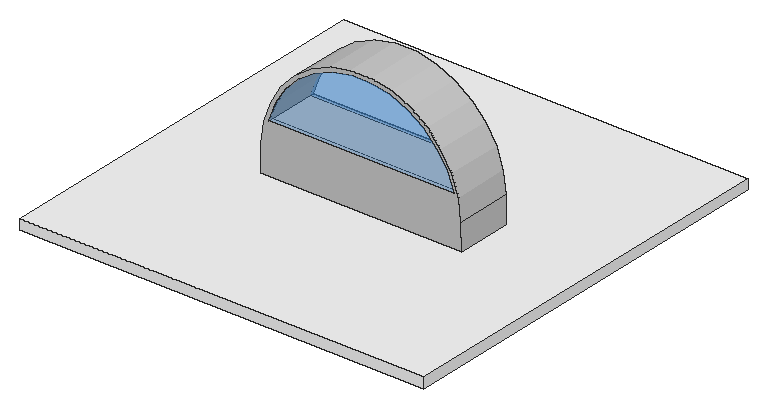
Revit family "BE_24469_de_DE", category Leuchten, Revit 2020
Family settings
  Basisbauteil = Fläche
  Bemaßung runder Anschluss = Durchmesser verwenden
  Teiletyp = Normal
  Beim Laden mit Abzugskörper schneiden = Ja
  Lichtquelle = Ja
  Gemeinsam genutzt = Nein
  Raumberechnungspunkt = Ja
Parameters (values of type "BEGA_24469_Silber_K3")
  built-in parameter 1150104 = 15.402 (stored number, unit not read)
  Wattage = 3.8 W
  Default Elevation = 0 mm
  built-in parameter 1150113 = 1 (stored number, unit not read)
  built-in parameter 1114218 = 1 (stored number, unit not read)
  Umgebungstemperatur = "25 °C"
  URL = "https://www.bega.com/de/produkt/24469"
  Typenkommentare = "© 2022 BEGA. Wir behalten uns das Recht vor, technische Änderungen ohne vorherige Ankündigung vorzunehmen."  # constant formula
  built-in parameter 1150134 = (empty or 0)
  built-in parameter 1150109 = 1 (stored number, unit not read)
  Strom = ""
  built-in parameter 1150110 = 1 (stored number, unit not read)
  Spannung = 239.996 V
  Sonderanfertigung = no
  Seriennummer [instance] = "Hier können Sie die eindeutige Seriennummer für das Facility Management eintragen."
  Schutzklasse = "I"
  Schutzart = "IP 65"
  Scheinlast = 0 VA
  Produktdatenblatt = "https://cdn.bega.com/bega/products/24469AK4/current/documents/data-sheets/de"
  Oberflächentemperatur = ""
  Neigungswinkel = 0.00°
  Modell = "24469AK3"
  Material_17 = BEGA_Reflektor
  Material_15 = BEGA_Leuchtmedium_matt
  Material_11 = BEGA_Glas_opal
  Material_10 = BEGA_Glas_matt
  Material_09 = BEGA_Glas_klar
  Material_06 = BEGA_Oberfläche_Edelstahl_gebürstet
  Material_03 = BEGA_Oberfläche_Weiss_matt
  Material_02 = BEGA_Oberfläche_Silber_matt
  Material_01 [instance] = BEGA_Oberfläche_Grafit_matt
  M_W = no
  M_G = no
  M_A = yes
  Logo = 0
  built-in parameter 1114217 = 1 (stored number, unit not read)
  built-in parameter 1150139 = (empty or 0)
  built-in parameter 1150105 = 50.134 (stored number, unit not read)
  built-in parameter 1150114 = 1 (stored number, unit not read)
  Lumens = 630.002 lm
  built-in parameter 1150115 = 1 (stored number, unit not read)
  Leuchtenlichtstrom = "281 lm"
  Leuchtenanzahl = ""
  Lebensdauerkriterien = "L70B50 @ 25 °C = 200000 h"
  Lastklassifizierung = Beleuchtung
  built-in parameter 1150112 = 1 (stored number, unit not read)
  Lampenlichtstrom = "630 lm"
  Lampe = "LED 3.8 W"
  LED_Modulbezeichnung = "LED-0424/930"
  built-in parameter 1150142 = (empty or 0)
  Hersteller = "BEGA"  # constant formula
  Halbstreuwinkel = ""
  Gewicht = "1.0 kg"
  Gebrauchslageneinschränkung [instance] = ""
  Frequenz = "0/50-60 Hz"
  Farbwiedergabeindex = "CRI > 90"
  Farbtemperaturverschiebung bei Dämpfen der Lampe = <Keine Auswahl>
  Farbtemperatur = "3000 K"
  Color Filter = 16777215
  built-in parameter 1150133 = 10 (stored number, unit not read)
  Energieeffizienzklasse = "LED A++ - A"
  built-in parameter 1150137 = (empty or 0)
  built-in parameter 1150132 = (empty or 0)
  ENEC = ""
  Dimmbar [instance] = "on/off"
  Datei für fotometrisches Netz = "BE_24469K3.IES"
  CE_Konformität = "ja"
  Bestellnummer = "24469AK3"
  Beschreibung_Sonderanfertigung = "Hier können Sie Informationen zur Sonderanfertigung eintragen."
  Beschreibung = "Wandleuchte"
  built-in parameter 1150106 = 0.50134 (stored number, unit not read)
  Befestigungsbohrung = "Ø 4,5 mm"
  Befestigungsabstand = "177 mm"
  Ballwurfsicher = ""
  BEGA_Intern_aus = yes
  BEGA_Intern_an = yes
  BEGA_Intern_Konstruktion = yes
  BEGA_Intern = yes
  BEGA_IES = yes
  BEGA_Dummy = no
  Anschlussleitung = ""
  Anschlussleistung [instance] = "4.9 W"
  Anschlusskasten = ""
  built-in parameter 1150107 = 3000 (stored number, unit not read)
  built-in parameter 1150102 = (empty or 0)
  built-in parameter 1150138 = (empty or 0)
  Aktualisierung = "2022-05-18T04:00:07"
  Abstand_zur_angestrahlten_Fläche [instance] = ""
  AC/DC = "AC/DC"
Types (6, lengths in mm): name | built-in parameter 1150104 | built-in parameter 1150134 | Modell | M_W | M_G | M_A | built-in parameter 1150105 | Lumens | Leuchtenlichtstrom | Lampenlichtstrom | LED_Modulbezeichnung | Farbtemperatur | Datei für fotometrisches Netz | Bestellnummer | built-in parameter 1150106 | built-in parameter 1150107
  BEGA_24469_Grafit_K3 | 15.402 (stored number, unit not read) | (empty or 0) | "24469K3" | no | yes | no | 50.134 (stored number, unit not read) | 630.002 lm | "281 lm" | "630 lm" | "LED-0424/930" | "3000 K" | "BE_24469K3.IES" | "24469K3" | 0.50134 (stored number, unit not read) | 3000 (stored number, unit not read)
  BEGA_24469_Weiß_K3 | 15.402 (stored number, unit not read) | (empty or 0) | "24469WK3" | yes | no | no | 50.134 (stored number, unit not read) | 630.002 lm | "281 lm" | "630 lm" | "LED-0424/930" | "3000 K" | "BE_24469K3.IES" | "24469WK3" | 0.50134 (stored number, unit not read) | 3000 (stored number, unit not read)
  BEGA_24469_Grafit_K4 | 16.258 (stored number, unit not read) | 12 | "24469K4" | no | yes | no | 52.919 (stored number, unit not read) | 665 lm | "297 lm" | "665 lm" | "LED-0424/940" | "4000 K" | "BE_24469K4.IES" | "24469K4" | 0.52919 (stored number, unit not read) | 4000 (stored number, unit not read)
  BEGA_24469_Silber_K3 | 15.402 (stored number, unit not read) | (empty or 0) | "24469AK3" | no | no | yes | 50.134 (stored number, unit not read) | 630.002 lm | "281 lm" | "630 lm" | "LED-0424/930" | "3000 K" | "BE_24469K3.IES" | "24469AK3" | 0.50134 (stored number, unit not read) | 3000 (stored number, unit not read)
  BEGA_24469_Silber_K4 | 16.258 (stored number, unit not read) | 12 | "24469AK4" | no | no | yes | 52.919 (stored number, unit not read) | 665 lm | "297 lm" | "665 lm" | "LED-0424/940" | "4000 K" | "BE_24469K4.IES" | "24469AK4" | 0.52919 (stored number, unit not read) | 4000 (stored number, unit not read)
  BEGA_24469_Weiß_K4 | 16.258 (stored number, unit not read) | 12 | "24469WK4" | yes | no | no | 52.919 (stored number, unit not read) | 665 lm | "297 lm" | "665 lm" | "LED-0424/940" | "4000 K" | "BE_24469K4.IES" | "24469WK4" | 0.52919 (stored number, unit not read) | 4000 (stored number, unit not read)
Reference planes
  plane 1 "Mitte (Vorne/Hinten)": y = 0
  plane 2: z = 0
  plane 3 "Mitte (Links/Rechts)": x = 0
  plane 4 "Links": x = -99.941
  plane 5 "Rechts": x = 99.537
  plane 6 "Unten": y = -27.5
  plane 7 "Oben": y = 27.5
  plane 8 "Vorne": z = 122.492
  plane 9 "Hinten": z = 0
Forms (mm)
  Extrusion 1, solid, material "BEGA_Platte_Weiss"
    sketch origin (0, -1119.2, 0) x (1, 0, 0) y (0, 1, 0)
      loop
        line (-200, 1319.2) -> (-200, 919.2) -> (200, 919.2) -> (200, 1319.2) -> (-200, 1319.2)
    from 0 to -10
  Extrusion 2, solid, material "BEGA_Dummy_matt", visible <- "BEGA_Dummy"
    sketch origin (80.095, -76.023, 0) x (1, 0, 0) y (0, 1, 0)
      loop
        line (-180.036, 103.523) -> (-180.036, 48.523) -> (19.441, 48.523) -> (19.441, 103.523) -> (-180.036, 103.523)
    from 0 to 122.492
Dimensions and locks
  plane 1 "Mitte (Vorne/Hinten)" to Extrusion 1 = 200 mm
  aligned and locked: Extrusion 1 to plane 2
  aligned and locked: Extrusion 1 to level
Nested families
  nested 1: "BE_24469" at (0, 0, 0), type "BE_24469"
Connectors
  electrical at (0, 0, 0), driven by "Lastklassifizierung", driven by "Spannung", driven by "Scheinlast"
    settings: index 1, voltage 239.996 V, apparent load 0 VA, apparent load phase1 0 VA, apparent load phase2 0 VA, apparent load phase3 0 VA, power factor 1, load classification "Beleuchtung", number of poles 1, system type 31, power factor state 1, is connector primary yes, connector utility no, sub classification motor no, connector description ""
Definition of nested family "BE_24469"
  Parameters (values of type "BE_24469")
    Default Elevation = 1 mm
    URL = "http://www.bega.de/de/produkt"
    Type Comments = "© 2015 BEGA. Wir behalten uns das Recht vor, technische Änderungen ohne vorherige Ankündigung vorzunehmen. "  # constant formula
    Type Image = (empty or 0)
    Neigungswinkel_um_Z2 = 0.00°
    Neigungswinkel_um_Z1 = 0.00°
    Neigungswinkel_um_Y2 = 0.00°
    Neigungswinkel_um_Y1 = 0.00°
    Neigungswinkel_um_X2 = 0.00°
    Neigungswinkel_um_X1 = 0.00°
    Material_17 = none
    Material_15 = none
    Material_11 = none
    Material_10 = none
    Material_09 = none
    Material_06 = none
    Material_03 = none
    Material_02 = none
    Material_01 = none
    M_W = yes
    M_G = no
    M_A = no
    Länge_Platte = 250 mm  # constant formula
    Höhe_Platte = -10 mm  # constant formula
    Manufacturer = "BEGA"  # constant formula
    Drehwinkel_um_Z2 = 0.00°
    Drehwinkel_um_Z1 = 0.00°
    Breite_Platte = 250 mm  # constant formula
  Reference planes
    plane 1 "Mitte (Oben/Unten)": y = 0
    plane 2: z = 0
    plane 3 "Mitte (Links/Rechts)": x = 0
  Forms (mm)
    Extrusion 1, solid, detail levels medium
      sketch origin (0, 0, 0) x (1, 0, 0) y (0, 1, 0)
        loop
          line (-125, 125) -> (-125, -125) -> (125, -125) -> (125, 125) -> (-125, 125)
      from 0 to -10 <- "Höhe_Platte"
    Extrusion 2, solid, material <- "Material_01", visible <- "M_G"
      sketch origin (0, 0, 0) x (1, 0, 0) y (0, 0, 1)
        loop
          line (-99.544, 0) -> (99.544, 0) -> (98.975, 25.706)
          arc (98.975, 25.706) -> (0, 122.5) -> (-98.975, 25.706) r 99
          line (-98.975, 25.706) -> (-99.544, 0)
      from -27.5 to 27.5
    Extrusion 3, void
      sketch origin (0, 0, 0) x (1, 0, 0) y (0, 0, 1)
        loop
          arc (92.109, 48.8) -> (0, 118.8) -> (-92.109, 48.8) r 95.6
          line (-92.109, 48.8) -> (92.109, 48.8)
      from -58.038 to 62.092
    Extrusion 4, solid, material <- "Material_10"
      sketch origin (0, 0, 0) x (1, 0, 0) y (0, 0, 1)
        loop
          line (-92.109, 48.8) -> (92.109, 48.8)
          arc (92.109, 48.8) -> (0, 118.8) -> (-92.109, 48.8) r 95.6
      from -27.31 to -23.3
    Extrusion 5, solid, material <- "Material_10"
      sketch origin (0, 0, 0) x (1, 0, 0) y (0, 0, 1)
        loop
          line (-92.109, 48.8) -> (92.109, 48.8)
          arc (92.109, 48.8) -> (0, 118.8) -> (-92.109, 48.8) r 95.6
      from 23.3 to 27.31
    Extrusion 6, void
      sketch origin (0, 0, 0) x (1, 0, 0) y (0, 1, 0)
        loop
          line (-90, -2.25) -> (-84, -2.25)
          arc (-84, -2.25) -> (-81.75, 0) -> (-84, 2.25) r 2.25
          line (-84, 2.25) -> (-90, 2.25)
          arc (-90, 2.25) -> (-92.25, 0) -> (-90, -2.25) r 2.25
      from 0 to 6.844
    Extrusion 7, void
      sketch origin (0, 0, 0) x (1, 0, 0) y (0, 1, 0)
        loop
          arc (87.619, -3.947) -> (89.904, -6.338) -> (92.292, -4.053) r 2.337
          arc (92.292, -4.053) -> (92.337, 0) -> (92.292, 4.052) r 182.342
          arc (92.292, 4.052) -> (89.904, 6.337) -> (87.619, 3.948) r 2.337
          arc (87.619, 3.948) -> (87.663, 0) -> (87.619, -3.947) r 177.668
      from 0 to 9.033
    Extrusion 8, void
      sketch origin (0, 0, 0) x (1, 0, 0) y (0, 1, 0)
        loop
          circle (-40.419, 6.5) r 4.001
      from 0 to 16.163
    Extrusion 9, void
      sketch origin (0, 0, 0) x (1, 0, 0) y (0, 1, 0)
        loop
          circle (-61.419, -6.5) r 4.001
      from 0 to 16.163
    Extrusion 10, solid, material <- "Material_02", visible <- "M_A"
      sketch origin (-0.446, 0, 0) x (1, 0, 0) y (0, 0, 1)
        loop
          line (-99.544, 0) -> (99.544, 0) -> (98.975, 25.706)
          arc (98.975, 25.706) -> (0, 122.5) -> (-98.975, 25.706) r 99
          line (-98.975, 25.706) -> (-99.544, 0)
      from -27.5 to 27.5
    Extrusion 11, solid, material <- "Material_03", visible <- "M_W"
      sketch origin (-0.446, 0, 0) x (1, 0, 0) y (0, 0, 1)
        loop
          line (-99.544, 0) -> (99.544, 0) -> (98.975, 25.706)
          arc (98.975, 25.706) -> (0, 122.5) -> (-98.975, 25.706) r 99
          line (-98.975, 25.706) -> (-99.544, 0)
      from -27.5 to 27.5
  Cuts and joins
    Extrusion 3, Extrusion 6, Extrusion 7, Extrusion 8, Extrusion 9 cuts Extrusion 2
    Extrusion 3 cuts Extrusion 10
    Extrusion 3 cuts Extrusion 11
  Dimensions and locks
    equal spacing: Extrusion 1 sketch curve, plane 3 "Mitte (Links/Rechts)", Extrusion 1 sketch curve
    equal spacing: Extrusion 1 sketch curve, plane 1 "Mitte (Oben/Unten)", Extrusion 1 sketch curve
    "Länge_Platte": Extrusion 1 sketch curve to Extrusion 1 sketch curve
    "Breite_Platte": Extrusion 1 sketch curve to Extrusion 1 sketch curve
    aligned and locked: Extrusion 1 to plane 2
    aligned and locked: Extrusion 1 to level
  Automatic sketch dimensions
    level to Extrusion 2 sketch curve = 0 mm
    Extrusion 2 sketch curve to plane 3 "Mitte (Links/Rechts)" = 99.544 mm
    level to Extrusion 2 sketch curve = 25.706 mm
    Extrusion 2 sketch curve to Extrusion 2 sketch curve = 0.569 mm  (x2)
    plane 3 "Mitte (Links/Rechts)" to Extrusion 2 sketch curve = 99.544 mm
    Extrusion 2 sketch curve to plane 3 "Mitte (Links/Rechts)" = 0 mm
    level to Extrusion 2 sketch curve = 23.5 mm
    Extrusion 3 sketch curve to plane 3 "Mitte (Links/Rechts)" = 0 mm
    Extrusion 3 sketch curve to plane 3 "Mitte (Links/Rechts)" = 92.109 mm
    level to Extrusion 3 sketch curve = 23.2 mm
    level to Extrusion 3 sketch curve = 48.8 mm
    Extrusion 4 sketch curve to plane 3 "Mitte (Links/Rechts)" = 0 mm
    level to Extrusion 4 sketch curve = 48.8 mm
    Extrusion 4 sketch curve to plane 3 "Mitte (Links/Rechts)" = 92.109 mm
    level to Extrusion 4 sketch curve = 23.2 mm
    Extrusion 5 sketch curve to plane 3 "Mitte (Links/Rechts)" = 0 mm
    level to Extrusion 5 sketch curve = 48.8 mm
    Extrusion 5 sketch curve to plane 3 "Mitte (Links/Rechts)" = 92.109 mm
    level to Extrusion 5 sketch curve = 23.2 mm
    plane 1 "Mitte (Oben/Unten)" to Extrusion 6 sketch curve = 0 mm
    Extrusion 6 sketch curve to plane 3 "Mitte (Links/Rechts)" = 90 mm
    plane 1 "Mitte (Oben/Unten)" to Extrusion 6 sketch curve = 2.25 mm
    Extrusion 6 sketch curve to Extrusion 6 sketch curve = 6 mm
    Extrusion 6 sketch curve to Extrusion 6 sketch curve = 0 mm  (x2)
    Extrusion 7 sketch curve to plane 1 "Mitte (Oben/Unten)" = 0.001 mm
    Extrusion 7 sketch curve to plane 3 "Mitte (Links/Rechts)" = 90.005 mm
    Extrusion 7 sketch curve to plane 1 "Mitte (Oben/Unten)" = 4 mm
    plane 3 "Mitte (Links/Rechts)" to Extrusion 7 sketch curve = 89.956 mm
    Extrusion 7 sketch curve to Extrusion 7 sketch curve = 2.337 mm  (x4)
    plane 1 "Mitte (Oben/Unten)" to Extrusion 7 sketch curve = 3.947 mm
    Extrusion 7 sketch curve to Extrusion 7 sketch curve = 0 mm  (x3)
    plane 1 "Mitte (Oben/Unten)" to Extrusion 7 sketch curve = 0 mm
    Extrusion 7 sketch curve to Extrusion 7 sketch curve = 0.054 mm
    Extrusion 8 sketch curve to plane 1 "Mitte (Oben/Unten)" = 6.5 mm
    Extrusion 8 sketch curve to plane 3 "Mitte (Links/Rechts)" = 40.419 mm
    plane 1 "Mitte (Oben/Unten)" to Extrusion 9 sketch curve = 6.5 mm
    Extrusion 9 sketch curve to plane 3 "Mitte (Links/Rechts)" = 61.419 mm
    Extrusion 10 sketch curve to level = 0 mm
    Extrusion 10 sketch curve to plane 3 "Mitte (Links/Rechts)" = 0.446 mm
    level to Extrusion 10 sketch curve = 25.706 mm  (x2)
    Extrusion 10 sketch curve to plane 3 "Mitte (Links/Rechts)" = 99.421 mm
    Extrusion 10 sketch curve to Extrusion 10 sketch curve = 0.569 mm  (x2)
    level to Extrusion 10 sketch curve = 23.5 mm
    Extrusion 11 sketch curve to level = 0 mm
    Extrusion 11 sketch curve to plane 3 "Mitte (Links/Rechts)" = 99.99 mm
    level to Extrusion 11 sketch curve = 25.706 mm  (x2)
    Extrusion 11 sketch curve to Extrusion 11 sketch curve = 0.569 mm  (x2)
    Extrusion 11 sketch curve to plane 3 "Mitte (Links/Rechts)" = 0.446 mm
    level to Extrusion 11 sketch curve = 23.5 mm
    radius of Extrusion 8 sketch curve = 4.001 mm
    radius of Extrusion 9 sketch curve = 4.001 mm
